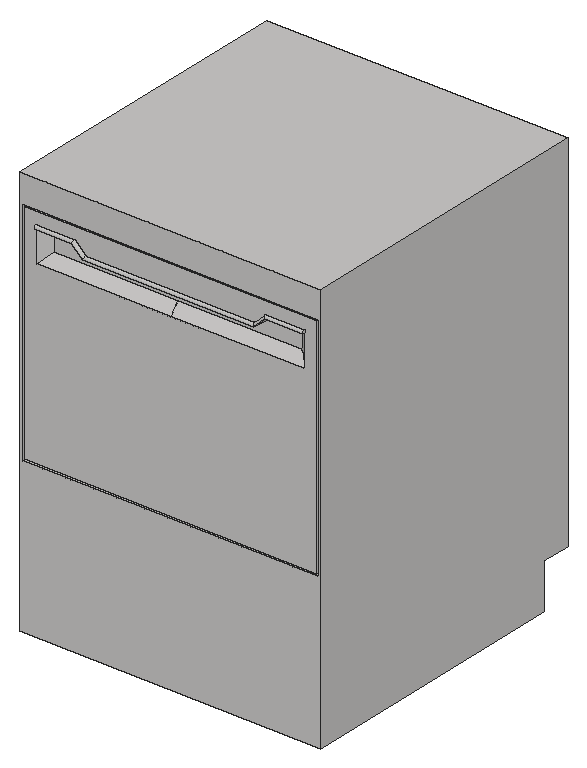
Revit family "QF_ELECTROLUXPROFESSIONAL_502724_EUCA060WS", category Specialty Equipment, Revit 2018
Family settings
  Round Connector Dimension = Use Diameter
  Part Type = Normal
  Work Plane-Based = No
  Always vertical = Yes
  Cut with Voids When Loaded = No
  Shared = No
  Room Calculation Point = No
Parameters
  Weight = 71.00 kg
  Watts = 0 W
  Volts = 0 V
  URL Manufacturer = ""
  URL = "http://professional.electrolux.com/"
  Steam Supply Size = 0 mm
  Steam Supply Minimum Pressure = 0.0 Pa
  Steam Supply Maximum Pressure = 0.0 Pa
  Steam Pounds per Hour = 0
  Show Logo [instance] = yes
  Show Clearance [instance] = yes
  Refrigeration Suction Line Size = 0 mm
  Refrigeration Liquid Line Size = 0 mm
  Refrigerant Compressor Remote = yes
  Manufacturer = ""
  Phase = 0
  Model = ""
  Length Actual = 600 mm  # constant formula
  Item Number = ""
  Hot Water Size = 0 mm
  Height Actual = 820 mm  # constant formula
  HP = "9.2 HP"
  Gas Size = 0 mm
  Gas KW = 0
  Gas Input Pressure = 0 W
  Direct Waste Size = 20.5 mm
  Description = ""
  Depth Actual = 615 mm  # constant formula
  Cycle = 0 Hz
  Condensate Return Size = 0 mm
  Compressed Air Volume = 0.0 L/s
  Compressed Air Size = 0 mm
  Compressed Air Pressure = 0.0 Pa
  Cold Water Size = 0 mm
  Accessory = yes
Types (2, lengths in mm): name | Volts | URL Manufacturer | URL | Manufacturer | Phase | Model | Item Number | Hot Water Size | Description | Cycle
  (no name) | 0 V | "" | "http://professional.electrolux.com/" | "" | 0 | "" | "" | 0 | "" | 0 Hz
  Standard | 400 V | "http://professional.electrolux.com" | "http://professional.electrolux.com" | "Electrolux Professional" | 3 | "EUCA060WS" | "502724" | 19.05 | "UNDERCOUNTER(L), WASH-SAFE, DOUBLE SKIN, 3PH, WS, DP, DD 40B/H or 480D/H, DIN, A0 60" | 50 Hz
Reference planes
  plane 1 "Center (Front/Back)": y = 0
  plane 2: z = 0
  plane 3 "Center (Left/Right)": x = 0
  plane 4 "LEFT": x = -300
  plane 5 "RIGHT": x = 300
  plane 6 "FRONT": y = -307.5
  plane 7 "BACK": y = 307.5
  plane 8: z = 830
  plane 9: z = 10
  plane 10: y = 268.5
Forms (mm)
  Extrusion 1, solid, material "QF_Finishes_Stainless Steel"
    sketch origin (0, 0, 0) x (1, 0, 0) y (0, 1, 0)
      loop
        line (-300, -307.5) -> (300, -307.5) -> (300, 249.5) -> (-300, 249.5) -> (-300, -307.5)
    from 10 to 830
  Extrusion 2, solid, material "QF_Finishes_Stainless Steel"
    sketch origin (0, 0, 0) x (1, 0, 0) y (0, 1, 0)
      loop
        line (-300, 249.5) -> (300, 249.5) -> (300, 307.5) -> (-300, 307.5) -> (-300, 249.5)
    from 100 to 830
  Extrusion 3, solid, material "QF_Finishes_Stainless Steel"
    sketch origin (0, 0, 0) x (1, 0, 0) y (0, 1, 0)
      loop
        circle (-254, 193.5) r 12.5
      loop
        circle (254, 193.5) r 12.5
      loop
        circle (-254, -237.5) r 12.5
      loop
        circle (254, -237.5) r 12.5
    from 0 to 10
  Extrusion 4, void
    sketch origin (-300, -307.5, 0) x (-1, 0, 0) y (0, 0, 1)
      loop
        line (-5, 773.217) -> (-595, 773.217) -> (-595, 315.188) -> (-5, 315.188) -> (-5, 773.217)
    from 0 to 30
  Extrusion 5, solid, material "QF_Finishes_Stainless Steel"
    sketch origin (-274, -411, 733) x (0, 0, -1) y (1, 0, 0)
      loop
        circle (693, 143) r 10
    from -660.5 to -718.5
  Extrusion 6, solid, material "QF_Door-Drawer Clearances", visible <- "Show Clearance", detail levels coarse
    sketch origin (-230, -282.5, 0) x (0, 1, 0) y (0, 0, -1)
      loop
        line (-25, -319.312) -> (-397, -319.312)
        arc (-397, -319.312) -> (-298.139, -616.581) -> (-25, -770) r 434.302
        line (-25, -770) -> (-25, -319.312)
    from 61.225 to -521.647
  Extrusion 7, solid, material "QF_Finishes_Stainless Steel"
    sketch origin (-331.481, -411, 703) x (0, 0, -1) y (1, 0, 0)
      loop
        circle (663, 252.481) r 8
    from -660.5 to -718.5
  Extrusion 8, solid, material "QF_Finishes_Stainless Steel"
    sketch origin (-230, -282.5, 0) x (0, 1, 0) y (0, 0, -1)
      loop
        line (-25, -319.312) -> (-25, -770) -> (0, -770) -> (0, -319.312) -> (-25, -319.312)
    from 61.225 to -521.647
  Extrusion 9, solid, material "QF_Finishes_Stainless Steel"
    sketch origin (-301, 942.75, 760.5) x (0, -1, 0) y (1, 0, 0)
      loop
        circle (663, 158) r 8
    from -660.5 to -670.5
  Blend 10, void
    base sketch origin (-230, -307.5, 770) x (0, 0, -1) y (1, 0, 0)
      loop
        line (93.563, -37.311) -> (93.563, 230) -> (93.563, 497.311) -> (28.563, 497.311) -> (28.563, 422.311) -> (49.776, 401.098) -> (49.776, 230) -> (49.776, 58.902) -> (28.563, 37.689) -> (28.563, -37.311) -> (93.563, -37.311)
    top sketch origin (-230, -307.5, 770) x (0, 0, -1) y (1, 0, 0)
      loop
        line (73.563, -17.311) -> (73.563, 230) -> (73.563, 477.311) -> (31.063, 477.311) -> (31.063, 422.311) -> (52.276, 401.098) -> (52.276, 58.902) -> (31.063, 37.689) -> (31.063, -17.311) -> (73.563, -17.311)
    from 0 to -19.433
  Sweep 11, solid, material "QF_Finishes_Stainless Steel"
    path origin (-230, -307.5, 770) x (0, 0, -1) y (1, 0, 0)
      loop
        line (28.563, -37.311) -> (28.563, 37.689) -> (49.776, 58.902) -> (49.776, 401.098) -> (28.563, 422.311) -> (28.563, 497.311)
    profile origin (-229.811, -307.5, 741.437) x (0, 0, 1) y (0, -1, 0)
      loop
        line (0, 0) -> (5, 0)
        arc (5, 0) -> (3.536, 3.536) -> (0, 5) r 5
        arc (0, 5) -> (-0.037, 0.962) -> (-0.394, -3.06) r 51.04
        line (-0.394, -3.06) -> (0, 0)
Cuts and joins
  Extrusion 4 cuts Extrusion 1
  joined: Extrusion 1, Extrusion 2
  Blend 10 cuts Extrusion 8
Lines and regions (mm)
  Split face 1
    outline origin (-300, -307.5, 830) x (0, 0, -1) y (1, 0, 0)
      loop
        line (56.783, 5) -> (56.783, 0)
      loop
        line (56.783, 595) -> (56.783, 600)
      loop
        line (37.034, 600) -> (37.034, 514.297)
        arc (37.034, 514.297) -> (37.64, 511.25) -> (39.366, 508.667) r 7.962
        line (39.366, 508.667) -> (44.289, 503.744)
        arc (44.289, 503.744) -> (46.135, 500.982) -> (46.783, 497.723) r 8.515
        line (46.783, 497.723) -> (46.783, 87.277)
        arc (46.783, 87.277) -> (46.135, 84.018) -> (44.289, 81.256) r 8.515
        line (44.289, 81.256) -> (39.366, 76.333)
        arc (39.366, 76.333) -> (37.64, 73.75) -> (37.034, 70.703) r 7.962
        line (37.034, 70.703) -> (37.034, 0)
  Split face 2
    outline origin (-300, -307.5, 830) x (0, 0, -1) y (1, 0, 0)
      loop
        line (13.15, 274.82) -> (37.034, 274.82) -> (37.034, 325.18) -> (13.15, 325.18) -> (13.15, 274.82)
  symbolic lines
    curve 1: line (-300, 307.5, 0) -> (300, 307.5, 0)
    curve 2: line (-300, -307.5, 0) -> (-300, 307.5, 0)
    curve 3: line (300, -307.5, 0) -> (-300, -307.5, 0)
    curve 4: line (300, 307.5, 0) -> (300, -307.5, 0)
  symbolic lines, style "QF_Door-Drawer Clearances"
    curve 5: line (-291.225, -679.5, 0) -> (291.647, -679.5, 0)
    curve 6: line (291.647, -679.5, 0) -> (291.647, -307.5, 0)
    curve 7: line (-291.225, -679.5, 0) -> (-291.225, -307.5, 0)
  symbolic lines, style "SpecialityEquipmentHiddenLines"
    curve 8: line (-300, 249.5, 0) -> (300, 249.5, 0)
Dimensions and locks
  equal spacing: plane 4 "LEFT", plane 3 "Center (Left/Right)", plane 5 "RIGHT"
  equal spacing: plane 7 "BACK", plane 1 "Center (Front/Back)", plane 6 "FRONT"
  plane 7 "BACK" to plane 6 "FRONT" = 615 mm
  plane 4 "LEFT" to plane 5 "RIGHT" = 600 mm
  locked: plane 9 to level at 10
  plane 4 "LEFT" to plane 3 "Center (Left/Right)" = 300 mm
  plane 8 to level = 830 mm  (x2)
  Extrusion 9 sketch curve to plane 4 "LEFT" = 157 mm
  level to Extrusion 5 sketch curve = 40 mm
  Extrusion 5 sketch curve to plane 4 "LEFT" = 169 mm
  Extrusion 7 sketch curve to plane 4 "LEFT" = 221 mm
  level to Extrusion 7 sketch curve = 40 mm
  Extrusion 3 to cut or joined group of Extrusion 1, Extrusion 2, Extrusion 4 = 114 mm
  Extrusion 3 to Extrusion 3 = 431 mm
  plane 6 "FRONT" to Extrusion 3 = 70 mm
  plane 1 "Center (Front/Back)" to plane 6 "FRONT" = 307.5 mm
  locked: plane 7 "BACK" to plane 10 at 39
  plane 7 "BACK" to curve 5 = 987 mm
  Extrusion 8 to cut or joined group of Extrusion 1, Extrusion 2, Extrusion 4 = 454.812 mm
  aligned and locked: level to plane 2
  aligned and locked: Extrusion 1 sketch curve to plane 6 "FRONT"
  aligned and locked: Extrusion 1 sketch curve to plane 4 "LEFT"
  aligned and locked: plane 5 "RIGHT" to Extrusion 1 sketch curve
  aligned and locked: Extrusion 1 to plane 9
  aligned and locked: Extrusion 2 sketch curve to Extrusion 1
  aligned and locked: plane 7 "BACK" to Extrusion 2 sketch curve
  aligned and locked: plane 5 "RIGHT" to Extrusion 2 sketch curve
  aligned and locked: plane 9 to Extrusion 3
Automatic sketch dimensions
  Extrusion 1 sketch curve to plane 10 = 19 mm
  Extrusion 2 sketch curve to plane 10 = 19 mm
  plane 4 "LEFT" to Extrusion 3 sketch curve = 46 mm  (x2)
  Extrusion 3 sketch curve to plane 5 "RIGHT" = 46 mm  (x2)
  plane 6 "FRONT" to Extrusion 3 sketch curve = 70 mm  (x2)
  Extrusion 3 sketch curve to plane 10 = 75 mm  (x2)
  Extrusion 4 sketch curve to Extrusion 1 = 5 mm  (x2)
  Extrusion 4 sketch curve to Extrusion 1 = 305.188 mm
  Extrusion 4 sketch curve to Extrusion 1 = 56.783 mm
  Extrusion 8 sketch curve to plane 6 "FRONT" = 0 mm
  Extrusion 8 sketch curve to Extrusion 8 sketch curve = 25 mm
  Extrusion 8 sketch curve to plane 8 = 60 mm
  plane 9 to Extrusion 8 sketch curve = 309.312 mm
  cut or joined group of Extrusion 1, Extrusion 2, Extrusion 4 to Split face 1 sketch curve = 0 mm  (x2)
  Split face 1 sketch curve to cut or joined group of Extrusion 1, Extrusion 2, Extrusion 4 = 0 mm  (x6)
  cut or joined group of Extrusion 1, Extrusion 2, Extrusion 4 to Split face 1 sketch curve = 10 mm
  Split face 1 sketch curve to Split face 1 sketch curve = 2.494 mm  (x2)
  Split face 1 sketch curve to Split face 1 sketch curve = 8.515 mm  (x2)
  cut or joined group of Extrusion 1, Extrusion 2, Extrusion 4 to Split face 1 sketch curve = 11.786 mm  (x2)
  Split face 1 sketch curve to Split face 1 sketch curve = 5.63 mm  (x2)
  Split face 1 sketch curve to Split face 1 sketch curve = 2.332 mm  (x2)
  Split face 1 sketch curve to cut or joined group of Extrusion 1, Extrusion 2, Extrusion 4 = 65.703 mm
  Split face 1 sketch curve to Split face 1 sketch curve = 4.923 mm  (x2)
  Split face 1 sketch curve to cut or joined group of Extrusion 1, Extrusion 2, Extrusion 4 = 97.277 mm
  Split face 2 sketch curve to cut or joined group of Extrusion 1, Extrusion 2, Extrusion 4 = 13.15 mm
  cut or joined group of Extrusion 1, Extrusion 2, Extrusion 4 to Split face 2 sketch curve = 19.749 mm
  Split face 2 sketch curve to cut or joined group of Extrusion 1, Extrusion 2, Extrusion 4 = 269.82 mm
  Split face 2 sketch curve to Split face 2 sketch curve = 50.359 mm
  curve 1 to plane 4 "LEFT" = 0 mm
  curve 7 to plane 6 "FRONT" = 0 mm
  curve 4 to plane 5 "RIGHT" = 0 mm
  curve 8 to plane 10 = 19 mm
  curve 2 to plane 7 "BACK" = 0 mm
  plane 4 "LEFT" to curve 5 = 8.775 mm
  curve 6 to plane 5 "RIGHT" = 8.353 mm
  Extrusion 6 sketch curve to plane 6 "FRONT" = 0 mm
  plane 6 "FRONT" to Extrusion 6 sketch curve = 61.803 mm
  plane 9 to Extrusion 6 sketch curve = 330.118 mm
  Extrusion 6 sketch curve to Extrusion 6 sketch curve = 20.806 mm
  Extrusion 6 sketch curve to plane 6 "FRONT" = 372 mm
  Blend 10 sketch curve to Extrusion 8 = 28.563 mm  (x2)
  Blend 10 sketch curve to Extrusion 8 = 49.776 mm
  Blend 10 sketch curve to Blend 10 sketch curve = 65 mm
  Extrusion 8 to Blend 10 sketch curve = 23.913 mm
  Blend 10 sketch curve to Blend 10 sketch curve = 75 mm  (x2)
  Blend 10 sketch curve to Blend 10 sketch curve = 21.213 mm  (x5)
  Blend 10 sketch curve to Blend 10 sketch curve = 171.098 mm  (x2)
  Blend 10 sketch curve to Blend 10 sketch curve = 0 mm
  Extrusion 8 to Blend 10 sketch curve = 120.549 mm
  Extrusion 8 to Blend 10 sketch curve = 99.335 mm
  Extrusion 8 to Blend 10 sketch curve = 43.913 mm
  Blend 10 sketch curve to Blend 10 sketch curve = 42.5 mm
  Extrusion 8 to Blend 10 sketch curve = 44.335 mm
  Blend 10 sketch curve to Blend 10 sketch curve = 55 mm  (x2)
  Blend 10 sketch curve to Extrusion 8 = 31.063 mm
  Extrusion 8 to Sweep 11 sketch curve = 98.913 mm
  Sweep 11 sketch curve to Sweep 11 sketch curve = 21.213 mm  (x4)
  Extrusion 8 to Sweep 11 sketch curve = 23.913 mm
  Sweep 11 sketch curve to Extrusion 8 = 28.563 mm
  Extrusion 8 to Sweep 11 sketch curve = 99.335 mm
  Extrusion 8 to Sweep 11 sketch curve = 24.335 mm
  profile plane to Sweep 11 sketch curve = 0 mm  (x2)
  Sweep 11 sketch curve to profile plane = 0 mm
  profile plane to Sweep 11 sketch curve = 3.452 mm
  Sweep 11 sketch curve to Sweep 11 sketch curve = 5 mm
  profile plane to Sweep 11 sketch curve = 0.394 mm
  Sweep 11 sketch curve to profile plane = 3.06 mm
  plane 10 to Extrusion 9 sketch curve = 11.25 mm
  radius of Extrusion 3 sketch curve = 12.5 mm  (x4)
  radius of Extrusion 5 sketch curve = 10 mm
  radius of Extrusion 7 sketch curve = 8 mm
  radius of Extrusion 9 sketch curve = 8 mm
Connectors
  piping at (-131, 307.5, 40), diameter 20
    settings: on Extrusion 5, index 1, connector inside diameter 609.6 mm, connector length 0 mm, flow factor 0, pipe flow 0.0 L/s, pressure drop 0.0 Pa, fitting loss kfactor 0, connector angle 0.00°, fixture units 0, engagement length 0 mm, angle of deflection 0.00°, flow configuration 1, flow direction 1, fitting loss method 0, system type 16, joint type 0, gender type 0, connector reference index -1, connector utility 0, adjustable connector no, is connector primary yes, connector description "Drain"
  piping at (-79, 307.5, 40), diameter 16
    settings: on Extrusion 7, index 3, connector inside diameter 609.6 mm, connector length 0 mm, flow factor 0, pipe flow 0.0 L/s, pressure drop 0.0 Pa, fitting loss kfactor 0, connector angle 0.00°, fixture units 0, engagement length 0 mm, angle of deflection 0.00°, flow configuration 1, flow direction 1, fitting loss method 0, system type 20, joint type 0, gender type 0, connector reference index -1, connector utility 0, adjustable connector no, is connector primary no, connector description "Cold Water Inlet"
  electrical at (-143, 279.75, 90), driven by "Volts"
    settings: on Extrusion 9, index 4, voltage 0 V, apparent load 0 VA, apparent load phase1 0 VA, apparent load phase2 0 VA, apparent load phase3 0 VA, power factor 1, load classification "Altro", number of poles 1, system type 31, power factor state 1, is connector primary yes, connector utility no, sub classification motor no, connector description "Electrical Connection"
